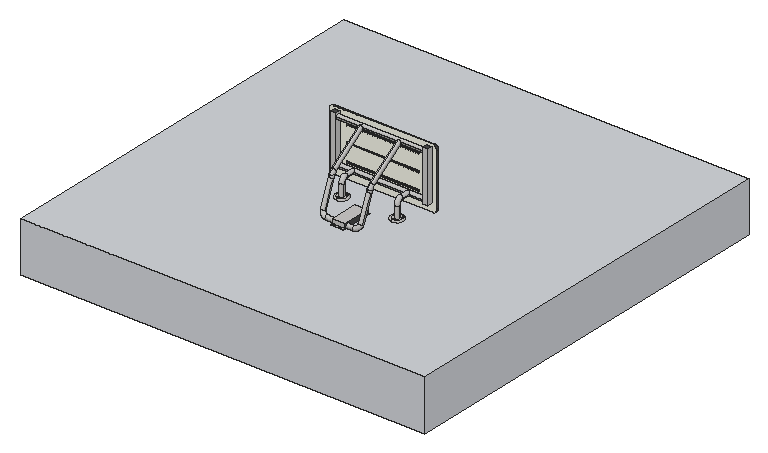
Revit family
Parameters (values of type "B-5193")
  Width = 25 1/2"
  URL = "http://www.bobrick.com/Pages/default.aspx"
  Type Comments = ""
  Specification = "Folding shower seat shall have a frame constructed of type-304, satin-finish stainless steel that consists of 16-gauge (1.6mm), 1-1/4'' (30mm) square tubing and 18-gauge (1.2mm), 1'' (25mm) diameter seamless tubing. Seat shall be one‑piece, 5/16\" (8mm) thick, solidly fused plastic laminate with matte-finish melamine surfaces, ivory-colored face sheets, and black phenolicresin core; secured to frame with stainless steel carriage bolts and acorn nuts. Shower seat shall be equipped with two 3'' (75mm) diameter mounting flanges constructed of type-304, 3/16'' (5mm) thick, satin-finish stainless steel; a guide bracket constructed of type-304, 16-gauge (1.6mm), satin-finish stainless steel; and a spring constructed of type-301, 24-gauge (0.6mm) stainless steel that is spot-welded to a baseplate of type-304, heavy-gauge stainless steel. Seat shall be able to lock in upright position when not in use. Shower seat shall comply with accessible design guidelines (including ADAAG in the U.S.A.). Folding Shower Seat shall be Model B-5193 of Bobrick Washroom Equipment, Inc., Clifton Park, New York; Jackson, Tennessee; Los Angeles, California; Bobrick Washroom Equipment Company, Scarborough, Ontario; Bobrick Washroom Equipment Pty. Ltd., Australia; and Bobrick Washroom Equipment Limited, United Kingdom."
  Safety Warning = "SAFETY WARNING: Shower seats are no stronger than the anchors and walls to which they are attached and must be firmly secured in order to support the loads for which they are intended. Consult and comply with local building codes. To avoid potential injury, the building owner or maintenance personnel should remove the shower seat from service if the shower seat is not adequately secured to the wall. Unit shall support static loads of up to 500 lbs (227 kg) when properly installed and used. To avoid potential seat malfunction, DO NOT use seat if weight exceeds 500 lbs (227 kg)."
  Price = "Prices may vary. Please consult Manufacturer Representative for most up-to-date price list."  # constant formula
  Phone Number = "416-250-5656"  # constant formula
  Omniclass Table 23 Title = "General Furniture and Specialties"  # constant formula
  Omniclass Table 23 Code = "23.40.20.00"  # constant formula
  Model = "B-5193"
  Material = Phenolic-Bobrick-Matte-Ivory
  Masterformat Title = "Healthcare Seating"  # constant formula
  Masterformat Number = "12 52 70"  # constant formula
  Manufacturer = "Bobrick"
  Length = 15 13/16"
  Installation Type = "Wall Mounted"
  Height = 13 3/4"
  Description = "Bobrick Solid Phenolic Folding Shower/Dressing Area Seat"
  Default Elevation = 17"
  Creation Date = "06/10/2015"  # constant formula
  Created By = "Allied Technical Services"  # constant formula
  Assembly Code = "E1020810"
  ATS URL = "http://www.atsspec.net"
  ADA Compliant = yes
Reference planes (in)
  plane 1 "Center (Front/Back)": y = 0
  plane 2: z = 0
  plane 3 "Center (Left/Right)": x = 0
  plane 4: z = 15.8125
  plane 5: x = -6.5625
  plane 6: x = 6.5625
  plane 7: x = 6.5625
  plane 8: y = -4.375
  plane 9: y = -13.75
  plane 10: y = -6.5
  plane 11: x = 1.125
  plane 12: x = -1.125
  plane 13: z = 1.375
  plane 14: y = -17
  plane 15: y = -0.94013
  plane 16: z = 5.375
  plane 17: x = -12.75
  plane 18: x = 12.75
  plane 19: x = -10.9375
  plane 20: x = 10.9375
  plane 21: x = 8.75
  plane 22: x = -8.75
Forms (in)
  Extrusion 1, solid
    sketch origin (0, 0, 0) x (1, 0, 0) y (0, 1, 0)
      loop
        line (-48, 48) -> (-48, -48) -> (48, -48) -> (48, 48) -> (-48, 48)
    from 0 to -12
  Extrusion 2, solid, material "Phenolic-Bobrick-Matte-Ivory" <- "Material"
    sketch origin (0, 0, 0) x (1, 0, 0) y (0, 0, 1)
      loop
        line (11.75, 15.8125) -> (-11.75, 15.8125)
        arc (-11.75, 15.8125) -> (-12.45711, 15.51961) -> (-12.75, 14.8125) r 1
        line (-12.75, 14.8125) -> (-12.75, 2.375)
        arc (-12.75, 2.375) -> (-12.45711, 1.66789) -> (-11.75, 1.375) r 1
        line (-11.75, 1.375) -> (11.75, 1.375)
        arc (11.75, 1.375) -> (12.45711, 1.66789) -> (12.75, 2.375) r 1
        line (12.75, 2.375) -> (12.75, 14.8125)
        arc (12.75, 14.8125) -> (12.45711, 15.51961) -> (11.75, 15.8125) r 1
      loop
        line (8.5, 13.20791) -> (-8.5, 13.20791)
        arc (-8.5, 13.20791) -> (-8.75, 12.95791) -> (-8.5, 12.70791) r 0.25
        line (-8.5, 12.70791) -> (8.5, 12.70791)
        arc (8.5, 12.70791) -> (8.75, 12.95791) -> (8.5, 13.20791) r 0.25
      loop
        line (8.5, 9.20791) -> (-8.5, 9.20791)
        arc (-8.5, 9.20791) -> (-8.75, 8.95791) -> (-8.5, 8.70791) r 0.25
        line (-8.5, 8.70791) -> (8.5, 8.70791)
        arc (8.5, 8.70791) -> (8.75, 8.95791) -> (8.5, 9.20791) r 0.25
      loop
        line (8.5, 5.14541) -> (-8.5, 5.14541)
        arc (-8.5, 5.14541) -> (-8.75, 4.89541) -> (-8.5, 4.64541) r 0.25
        line (-8.5, 4.64541) -> (8.5, 4.64541)
        arc (8.5, 4.64541) -> (8.75, 4.89541) -> (8.5, 5.14541) r 0.25
    from 0 to 0.3125
  Extrusion 3, solid, material "Stainless Steel-Bobrick-Type 304-Satin"
    sketch origin (0, 0.1875, 0.75) x (1, 0, 0) y (0, 1, 0)
      loop
        line (-10.3125, -0.5) -> (-11.5625, -0.5) -> (-11.5625, -1.75) -> (-10.3125, -1.75) -> (-10.3125, -0.5)
      loop
        line (10.3125, -0.5) -> (10.3125, -1.75) -> (11.5625, -1.75) -> (11.5625, -0.5) -> (10.3125, -0.5)
    from 2.51548 to 14.51548
  Revolve 4, solid, material "Stainless Steel-Bobrick-Type 304-Satin"
    sketch origin (-6.5625, 0, 0) x (0, 1, 0) y (0, 0, 1)
      loop
        line (-4.375, 0) -> (-2.875, 0)
        arc (-2.875, 0) -> (-2.94822, 0.17678) -> (-3.125, 0.25) r 0.25
        line (-3.125, 0.25) -> (-4.375, 0.25) -> (-4.375, 0)
      axis (-4.375, 0.25) -> (-4.375, 0)
    angle from 0 to 360
  Revolve 5, solid, material "Stainless Steel-Bobrick-Type 304-Satin"
    sketch origin (6.5625, 0, 0) x (0, 1, 0) y (0, 0, -1)
      loop
        line (-4.375, 0) -> (-4.375, -0.25) -> (-3.125, -0.25)
        arc (-3.125, -0.25) -> (-2.94822, -0.17678) -> (-2.875, 0) r 0.25
        line (-2.875, 0) -> (-4.375, 0)
      axis (-4.375, -0.25) -> (-4.375, 0)
    angle from 0 to 360
  Sweep 6, solid, material "Stainless Steel-Bobrick-Type 304-Satin"
    path origin (6.5625, 0, 0) x (0, 1, 0) y (0, 0, 1)
      loop
        line (-4.375, 0) -> (-4.375, 3)
        arc (-4.375, 3) -> (-4.08211, 3.70711) -> (-3.375, 4) r 1
        line (-3.375, 4) -> (-0.94013, 4)
    profile origin (6.5625, -4.375, 1.5) x (0, -1, 0) y (1, 0, 0)
      loop
        circle (0, 0) r 0.5
  Extrusion 7, solid, material "Stainless Steel-Bobrick-Type 304-Satin"
    sketch origin (0, 0.3125, 0) x (0, 1, 0) y (0, 0, 1)
      loop
        circle (-1.25263, 3.99038) r 0.5172
    from -10.3125 to 10.3125
  Sweep 8, solid, material "Stainless Steel-Bobrick-Type 304-Satin"
    path origin (-6.5625, 0, 0) x (0, 1, 0) y (0, 0, -1)
      loop
        line (-4.375, 0) -> (-4.375, -3)
        arc (-4.375, -3) -> (-4.08211, -3.70711) -> (-3.375, -4) r 1
        line (-3.375, -4) -> (-0.94013, -4)
    profile origin (-6.5625, -4.375, 1.5) x (0, 1, 0) y (-1, 0, 0)
      loop
        circle (0, 0) r 0.5
  Sweep 9, solid, material "Stainless Steel-Bobrick-Type 304-Satin"
    path origin (0, 0.25, 0.1875) x (0, 1, 0) y (0, 0, 1)
      loop
        line (-1.19013, 14.16704) -> (-9.64596, 8.46351)
        arc (-9.64596, 8.46351) -> (-9.97289, 8.16393) -> (-10.19794, 7.78186) r 1.5
        line (-10.19794, 7.78186) -> (-10.39032, 7.3057)
    profile origin (0, -10.04413, 7.73128) x (0, 0.927184, -0.374607) y (1, 0, 0)
      loop
        circle (0, -4.5) r 0.5
  Extrusion 10, solid, material "Stainless Steel-Bobrick-Type 304-Satin"
    sketch origin (0, 0.3125, 18.32783) x (0, 1, 0) y (0, 0, 1)
      loop
        circle (-1.25263, -3.99038) r 0.5172
    from -10.3125 to 10.3125
  Sweep 11, solid, material "Stainless Steel-Bobrick-Type 304-Satin"
    path origin (0, -6.39004, 16.77548) x (1, 0, 0) y (0, 0.374607, 0.927184)
      loop
        line (-4.5, -10.01126) -> (-4.5, -16.26126)
        arc (-4.5, -16.26126) -> (-4.13388, -17.14514) -> (-3.25, -17.51126) r 1.25
        line (-3.25, -17.51126) -> (3.25, -17.51126)
        arc (3.25, -17.51126) -> (4.13388, -17.14514) -> (4.5, -16.26126) r 1.25
        line (4.5, -16.26126) -> (4.5, -10.01126)
    profile origin (-4.5, -11.31097, 4.59575) x (1, 0, 0) y (0, -0.927184, 0.374607)
      loop
        circle (0, 0) r 0.5
  Extrusion 12, solid, material "Stainless Steel-Bobrick-Type 304-Satin"
    sketch origin (-1.5, 0.19528, 0) x (0, 1, 0) y (0, 0, 1)
      loop
        line (-6.44528, 0) -> (-6.44528, 0.125) -> (-6.94528, 0.125) -> (-6.94528, 1.125) -> (-13.69528, 1.125) -> (-13.69528, 0.125) -> (-14.19528, 0.125) -> (-14.19528, 0) -> (-6.44528, 0)
    from 0 to 3
  Sweep 13, solid, material "Stainless Steel-Bobrick-Type 304-Satin"
    path origin (0, 0.25, 0.1875) x (0, 1, 0) y (0, 0, -1)
      loop
        line (-1.19013, -14.16704) -> (-9.64596, -8.46351)
        arc (-9.64596, -8.46351) -> (-9.97289, -8.16393) -> (-10.19794, -7.78186) r 1.5
        line (-10.19794, -7.78186) -> (-10.39032, -7.3057)
    profile origin (0, -10.04413, 7.73128) x (0, -0.927184, 0.374607) y (-1, 0, 0)
      loop
        circle (0, -4.5) r 0.5
  Revolve 14, solid, material "Stainless Steel-Bobrick-Type 304-Satin"
    sketch origin (-1.125, 0, 0) x (0, 1, 0) y (0, 0, 1)
      loop
        line (-6.5, 0.125) -> (-6.375, 0.125)
        arc (-6.375, 0.125) -> (-6.38969, 0.18379) -> (-6.4303, 0.22876) r 0.125
        line (-6.4303, 0.22876) -> (-6.46682, 0.17439) -> (-6.5, 0.17439) -> (-6.5, 0.125)
      axis (-6.5, 0.22876) -> (-6.5, 0.125)
    angle from 0 to 360
  Revolve 15, solid, material "Stainless Steel-Bobrick-Type 304-Satin"
    sketch origin (1.125, 0, 0) x (0, 1, 0) y (0, 0, -1)
      loop
        line (-6.5, -0.125) -> (-6.5, -0.17439) -> (-6.46682, -0.17439) -> (-6.4303, -0.22876)
        arc (-6.4303, -0.22876) -> (-6.38969, -0.18379) -> (-6.375, -0.125) r 0.125
        line (-6.375, -0.125) -> (-6.5, -0.125)
      axis (-6.5, -0.22876) -> (-6.5, -0.125)
    angle from 0 to 360
  Revolve 16, solid, material "Stainless Steel-Bobrick-Type 304-Satin"
    sketch origin (-1.125, -20.25, 0) x (0, -1, 0) y (0, 0, -1)
      loop
        line (-6.5, -0.125) -> (-6.5, -0.17439) -> (-6.46682, -0.17439) -> (-6.4303, -0.22876)
        arc (-6.4303, -0.22876) -> (-6.38969, -0.18379) -> (-6.375, -0.125) r 0.125
        line (-6.375, -0.125) -> (-6.5, -0.125)
      axis (-6.5, -0.22876) -> (-6.5, -0.125)
    angle from 0 to 360
  Revolve 17, solid, material "Stainless Steel-Bobrick-Type 304-Satin"
    sketch origin (1.125, -20.25, 0) x (0, -1, 0) y (0, 0, 1)
      loop
        line (-6.5, 0.125) -> (-6.375, 0.125)
        arc (-6.375, 0.125) -> (-6.38969, 0.18379) -> (-6.4303, 0.22876) r 0.125
        line (-6.4303, 0.22876) -> (-6.46682, 0.17439) -> (-6.5, 0.17439) -> (-6.5, 0.125)
      axis (-6.5, 0.22876) -> (-6.5, 0.125)
    angle from 0 to 360
  Revolve 18, solid, material "Stainless Steel-Bobrick-Type 304-Satin"
    sketch origin (-6.5625, 1, 0.125) x (0, 1, 0) y (0, 0, 1)
      loop
        line (-6.5, 0.125) -> (-6.375, 0.125)
        arc (-6.375, 0.125) -> (-6.38969, 0.18379) -> (-6.4303, 0.22876) r 0.125
        line (-6.4303, 0.22876) -> (-6.46682, 0.17439) -> (-6.5, 0.17439) -> (-6.5, 0.125)
      axis (-6.5, 0.22876) -> (-6.5, 0.125)
    angle from 0 to 360
  Revolve 19, solid, material "Stainless Steel-Bobrick-Type 304-Satin"
    sketch origin (-7.56057, 2.55928, 0.125) x (0, 1, 0) y (0, 0, 1)
      loop
        line (-6.5, 0.125) -> (-6.375, 0.125)
        arc (-6.375, 0.125) -> (-6.38969, 0.18379) -> (-6.4303, 0.22876) r 0.125
        line (-6.4303, 0.22876) -> (-6.46682, 0.17439) -> (-6.5, 0.17439) -> (-6.5, 0.125)
      axis (-6.5, 0.22876) -> (-6.5, 0.125)
    angle from 0 to 360
  Revolve 20, solid, material "Stainless Steel-Bobrick-Type 304-Satin"
    sketch origin (-5.56443, 2.55928, 0.125) x (0, 1, 0) y (0, 0, -1)
      loop
        line (-6.5, -0.125) -> (-6.5, -0.17439) -> (-6.46682, -0.17439) -> (-6.4303, -0.22876)
        arc (-6.4303, -0.22876) -> (-6.38969, -0.18379) -> (-6.375, -0.125) r 0.125
        line (-6.375, -0.125) -> (-6.5, -0.125)
      axis (-6.5, -0.22876) -> (-6.5, -0.125)
    angle from 0 to 360
  Revolve 21, solid, material "Stainless Steel-Bobrick-Type 304-Satin"
    sketch origin (6.5625, 1, 0.125) x (0, 1, 0) y (0, 0, -1)
      loop
        line (-6.5, -0.125) -> (-6.5, -0.17439) -> (-6.46682, -0.17439) -> (-6.4303, -0.22876)
        arc (-6.4303, -0.22876) -> (-6.38969, -0.18379) -> (-6.375, -0.125) r 0.125
        line (-6.375, -0.125) -> (-6.5, -0.125)
      axis (-6.5, -0.22876) -> (-6.5, -0.125)
    angle from 0 to 360
  Revolve 22, solid, material "Stainless Steel-Bobrick-Type 304-Satin"
    sketch origin (7.56057, 2.55928, 0.125) x (0, 1, 0) y (0, 0, -1)
      loop
        line (-6.5, -0.125) -> (-6.5, -0.17439) -> (-6.46682, -0.17439) -> (-6.4303, -0.22876)
        arc (-6.4303, -0.22876) -> (-6.38969, -0.18379) -> (-6.375, -0.125) r 0.125
        line (-6.375, -0.125) -> (-6.5, -0.125)
      axis (-6.5, -0.22876) -> (-6.5, -0.125)
    angle from 0 to 360
  Revolve 23, solid, material "Stainless Steel-Bobrick-Type 304-Satin"
    sketch origin (5.56443, 2.55928, 0.125) x (0, 1, 0) y (0, 0, 1)
      loop
        line (-6.5, 0.125) -> (-6.375, 0.125)
        arc (-6.375, 0.125) -> (-6.38969, 0.18379) -> (-6.4303, 0.22876) r 0.125
        line (-6.4303, 0.22876) -> (-6.46682, 0.17439) -> (-6.5, 0.17439) -> (-6.5, 0.125)
      axis (-6.5, 0.22876) -> (-6.5, 0.125)
    angle from 0 to 360
  Revolve 24, solid, material "Phenolic-Bobrick-Matte-Ivory" <- "Material"
    sketch origin (1.75, 0, 5.375) x (1, 0, 0) y (0, 1, 0)
      loop
        line (9.1875, 0) -> (9.1875, 0.03481) -> (9.11975, 0.03481) -> (9.04701, 0.09164)
        arc (9.04701, 0.09164) -> (8.98695, 0.05216) -> (8.9375, 0) r 0.3125
        line (8.9375, 0) -> (9.1875, 0)
      axis (9.1875, 0.09164) -> (9.1875, 0)
    angle from 0 to 360
  Revolve 25, solid, material "Phenolic-Bobrick-Matte-Ivory" <- "Material"
    sketch origin (1.75, 0, 13.15595) x (0, -1, 0) y (1, 0, 0)
      loop
        line (0, 9.1875) -> (-0.03481, 9.1875) -> (-0.03481, 9.11975) -> (-0.09164, 9.04701)
        arc (-0.09164, 9.04701) -> (-0.05216, 8.98695) -> (0, 8.9375) r 0.3125
        line (0, 8.9375) -> (0, 9.1875)
      axis (-0.09164, 9.1875) -> (0, 9.1875)
    angle from 0 to 360
  Revolve 26, solid, material "Phenolic-Bobrick-Matte-Ivory" <- "Material"
    sketch origin (-1.75, 0, 5.375) x (-1, 0, 0) y (0, -1, 0)
      loop
        line (9.1875, 0) -> (8.9375, 0)
        arc (8.9375, 0) -> (8.98695, -0.05216) -> (9.04701, -0.09164) r 0.3125
        line (9.04701, -0.09164) -> (9.11975, -0.03481) -> (9.1875, -0.03481) -> (9.1875, 0)
      axis (9.1875, -0.09164) -> (9.1875, 0)
    angle from 0 to 360
  Revolve 27, solid, material "Phenolic-Bobrick-Matte-Ivory" <- "Material"
    sketch origin (-1.75, 0, 13.15595) x (0, 1, 0) y (-1, 0, 0)
      loop
        line (0, 9.1875) -> (0, 8.9375)
        arc (0, 8.9375) -> (0.05216, 8.98695) -> (0.09164, 9.04701) r 0.3125
        line (0.09164, 9.04701) -> (0.03481, 9.11975) -> (0.03481, 9.1875) -> (0, 9.1875)
      axis (0.09164, 9.1875) -> (0, 9.1875)
    angle from 0 to 360
Cuts and joins
  joined: Extrusion 3, Revolve 4, Revolve 5, Sweep 6, Extrusion 7, Sweep 8, Sweep 9, Extrusion 10, Sweep 11, Extrusion 12, Sweep 13, Revolve 14, Revolve 15, Revolve 16, Revolve 17, Revolve 18, Revolve 19, Revolve 20, Revolve 21, Revolve 22, Revolve 23
  joined: Extrusion 2, Revolve 24, Revolve 25, Revolve 26, Revolve 27
Lines and regions (in)
  Masking region 1
    outline origin (0, 0, 0) x (1, 0, 0) y (0, 1, 0)
      loop
        line (-12.75, 0) -> (-12.75, -0.3125) -> (-11.5625, -0.3125) -> (-11.5625, -1.5625) -> (-10.3125, -1.5625) -> (-10.3125, -1.45733) -> (-7.0625, -1.45733) -> (-7.0625, -2.96079)
        arc (-7.0625, -2.96079) -> (-6.5625, -5.875) -> (-6.0625, -2.96079) r 1.5
        line (-6.0625, -2.96079) -> (-6.0625, -1.45733) -> (-4.99993, -1.45733) -> (-4.99993, -12.44987)
        arc (-4.99993, -12.44987) -> (-4.70704, -13.15698) -> (-3.99993, -13.44987) r 1
        line (-3.99993, -13.44987) -> (-1.5, -13.44987) -> (-1.5, -14) -> (1.5, -14) -> (1.5, -13.44987) -> (3.99993, -13.44987)
        arc (3.99993, -13.44987) -> (4.70704, -13.15698) -> (4.99993, -12.44987) r 1
        line (4.99993, -12.44987) -> (4.99993, -1.45724) -> (6.0625, -1.45724) -> (6.0625, -2.96079)
        arc (6.0625, -2.96079) -> (6.5625, -5.875) -> (7.0625, -2.96079) r 1.5
        line (7.0625, -2.96079) -> (7.0625, -1.45733) -> (10.3125, -1.45733) -> (10.3125, -1.5625) -> (11.5625, -1.5625) -> (11.5625, -0.3125) -> (12.75, -0.3125) -> (12.75, 0) -> (11.16963, 0)
        arc (11.16963, 0) -> (11.14279, 0.0648) -> (11.07799, 0.09164) r 0.09164
        line (11.07799, 0.09164) -> (10.79701, 0.09164)
        arc (10.79701, 0.09164) -> (10.73221, 0.0648) -> (10.70537, 0) r 0.09164
        line (10.70537, 0) -> (-10.70537, 0)
        arc (-10.70537, 0) -> (-10.73221, 0.0648) -> (-10.79701, 0.09164) r 0.09164
        line (-10.79701, 0.09164) -> (-11.07799, 0.09164)
        arc (-11.07799, 0.09164) -> (-11.14279, 0.0648) -> (-11.16963, 0) r 0.09164
        line (-11.16963, 0) -> (-12.75, 0)
      loop
        line (-3.99993, -1.45733) -> (-3.99993, -11.94987)
        arc (-3.99993, -11.94987) -> (-3.85349, -12.30343) -> (-3.49993, -12.44987) r 0.5
        line (-3.49993, -12.44987) -> (-1.5, -12.44987) -> (-1.5, -6.25) -> (1.5, -6.25) -> (1.5, -12.44987) -> (3.49993, -12.44987)
        arc (3.49993, -12.44987) -> (3.85349, -12.30343) -> (3.99993, -11.94987) r 0.5
        line (3.99993, -11.94987) -> (3.99993, -1.45733) -> (-3.99993, -1.45733)
  Masking region 2
    outline origin (0, 0, 0) x (1, 0, 0) y (0, 0, 1)
      loop
        line (11.75, 15.8125) -> (-11.75, 15.8125)
        arc (-11.75, 15.8125) -> (-12.45711, 15.51961) -> (-12.75, 14.8125) r 1
        line (-12.75, 14.8125) -> (-12.75, 2.375)
        arc (-12.75, 2.375) -> (-12.45711, 1.66789) -> (-11.75, 1.375) r 1
        line (-11.75, 1.375) -> (-7.0625, 1.375) -> (-7.0625, 0.25) -> (-7.43557, 0.25)
        arc (-7.43557, 0.25) -> (-7.45116, 0.30831) -> (-7.49087, 0.35376) r 0.13326
        line (-7.49087, 0.35376) -> (-7.63028, 0.35376)
        arc (-7.63028, 0.35376) -> (-7.66966, 0.30813) -> (-7.68557, 0.25) r 0.13662
        line (-7.68557, 0.25) -> (-7.81239, 0.25)
        arc (-7.81239, 0.25) -> (-7.98917, 0.17678) -> (-8.06239, 0) r 0.25
        line (-8.06239, 0) -> (-5.06261, 0)
        arc (-5.06261, 0) -> (-5.13583, 0.17678) -> (-5.31261, 0.25) r 0.25
        line (-5.31261, 0.25) -> (-5.43943, 0.25)
        arc (-5.43943, 0.25) -> (-5.45534, 0.30813) -> (-5.49472, 0.35376) r 0.13662
        line (-5.49472, 0.35376) -> (-5.63413, 0.35376)
        arc (-5.63413, 0.35376) -> (-5.67384, 0.30831) -> (-5.68943, 0.25) r 0.13326
        line (-5.68943, 0.25) -> (-6.0625, 0.25) -> (-6.0625, 1.375) -> (-4.96357, 1.375)
        arc (-4.96357, 1.375) -> (-4.35238, 0.41367) -> (-3.27647, 0.03933) r 1.73334
        line (-3.27647, 0.03933) -> (-1.5, 0.03933) -> (-1.5, 0) -> (1.5, 0) -> (1.5, 0.03933) -> (3.27647, 0.03933)
        arc (3.27647, 0.03933) -> (4.35238, 0.41367) -> (4.96357, 1.375) r 1.73334
        line (4.96357, 1.375) -> (6.0625, 1.375) -> (6.0625, 0.25) -> (5.68943, 0.25)
        arc (5.68943, 0.25) -> (5.67384, 0.30831) -> (5.63413, 0.35376) r 0.13326
        line (5.63413, 0.35376) -> (5.49472, 0.35376)
        arc (5.49472, 0.35376) -> (5.45534, 0.30813) -> (5.43943, 0.25) r 0.13662
        line (5.43943, 0.25) -> (5.31261, 0.25)
        arc (5.31261, 0.25) -> (5.13583, 0.17678) -> (5.06261, 0) r 0.25
        line (5.06261, 0) -> (8.06239, 0)
        arc (8.06239, 0) -> (7.98917, 0.17678) -> (7.81239, 0.25) r 0.25
        line (7.81239, 0.25) -> (7.68557, 0.25)
        arc (7.68557, 0.25) -> (7.66966, 0.30813) -> (7.63028, 0.35376) r 0.13662
        line (7.63028, 0.35376) -> (7.49087, 0.35376)
        arc (7.49087, 0.35376) -> (7.45116, 0.30831) -> (7.43557, 0.25) r 0.13326
        line (7.43557, 0.25) -> (7.0625, 0.25) -> (7.0625, 1.375) -> (11.75, 1.375)
        arc (11.75, 1.375) -> (12.45711, 1.66789) -> (12.75, 2.375) r 1
        line (12.75, 2.375) -> (12.75, 14.8125)
        arc (12.75, 14.8125) -> (12.45711, 15.51961) -> (11.75, 15.8125) r 1
  Masking region 3
    outline origin (0, 0, 0) x (0, 1, 0) y (0, 0, 1)
      loop
        line (-0.3125, 3.26548) -> (-0.3125, 1.375) -> (0, 1.375) -> (0, 5.125)
        arc (0, 5.125) -> (0.05118, 5.17527) -> (0.09164, 5.23451) r 0.36806
        line (0.09164, 5.23451) -> (0.09164, 5.51549)
        arc (0.09164, 5.51549) -> (0.05118, 5.57473) -> (0, 5.625) r 0.36806
        line (0, 5.625) -> (0, 12.90595)
        arc (0, 12.90595) -> (0.05118, 12.95622) -> (0.09164, 13.01546) r 0.36806
        line (0.09164, 13.01546) -> (0.09164, 13.29645)
        arc (0.09164, 13.29645) -> (0.05118, 13.35568) -> (0, 13.40595) r 0.36806
        line (0, 13.40595) -> (0, 15.8125) -> (-0.3125, 15.8125) -> (-0.3125, 15.26548) -> (-1.5625, 15.26548) -> (-1.5625, 14.53809) -> (-9.67847, 9.0638)
        arc (-9.67847, 9.0638) -> (-10.11176, 8.66676) -> (-10.41003, 8.16039) r 1.988
        line (-10.41003, 8.16039) -> (-13.25251, 1.125) -> (-13.5, 1.125) -> (-13.5, 0.125) -> (-13.625, 0.125)
        arc (-13.625, 0.125) -> (-13.63965, 0.18381) -> (-13.6803, 0.22876) r 0.12466
        line (-13.6803, 0.22876) -> (-13.8197, 0.22876)
        arc (-13.8197, 0.22876) -> (-13.86058, 0.18393) -> (-13.875, 0.125) r 0.12279
        line (-13.875, 0.125) -> (-14, 0.125) -> (-14, 0) -> (-6.25, 0) -> (-6.25, 0.125) -> (-6.375, 0.125)
        arc (-6.375, 0.125) -> (-6.38942, 0.18393) -> (-6.4303, 0.22876) r 0.12279
        line (-6.4303, 0.22876) -> (-6.5697, 0.22876)
        arc (-6.5697, 0.22876) -> (-6.61035, 0.18381) -> (-6.625, 0.125) r 0.12466
        line (-6.625, 0.125) -> (-6.75, 0.125) -> (-6.75, 1.125) -> (-12.17398, 1.125) -> (-9.48483, 7.78088)
        arc (-9.48483, 7.78088) -> (-9.33371, 8.03743) -> (-9.11419, 8.23858) r 1.00719
        line (-9.11419, 8.23858) -> (-1.5625, 13.33226) -> (-1.5625, 4.5) -> (-3.375, 4.5)
        arc (-3.375, 4.5) -> (-4.43566, 4.06066) -> (-4.875, 3) r 1.5
        line (-4.875, 3) -> (-4.875, 0.25) -> (-5.375, 0.25)
        arc (-5.375, 0.25) -> (-5.3894, 0.30894) -> (-5.4303, 0.35376) r 0.12259
        line (-5.4303, 0.35376) -> (-5.5697, 0.35376)
        arc (-5.5697, 0.35376) -> (-5.6113, 0.30902) -> (-5.62708, 0.25) r 0.12653
        arc (-5.62708, 0.25) -> (-5.80312, 0.17665) -> (-5.875, 0) r 0.24793
        line (-5.875, 0) -> (-2.875, 0)
        arc (-2.875, 0) -> (-2.94688, 0.17665) -> (-3.12292, 0.25) r 0.24793
        line (-3.12292, 0.25) -> (-3.81572, 0.25)
        arc (-3.81572, 0.25) -> (-3.83037, 0.31044) -> (-3.875, 0.35376) r 0.11205
        line (-3.875, 0.35376) -> (-3.875, 3)
        arc (-3.875, 3) -> (-3.72855, 3.35355) -> (-3.375, 3.5) r 0.5
        line (-3.375, 3.5) -> (-1.5625, 3.5) -> (-1.5625, 3.26548) -> (-0.3125, 3.26548)
  symbolic lines, detail levels medium+fine
    curve 1: line (-11.5625, -0.3125, 0) -> (11.5625, -0.3125, 0)
    curve 2: line (10.3125, -0.3125, 0) -> (10.3125, -1.45733, 0)
    curve 3: line (-10.3125, -0.3125, 0) -> (-10.3125, -1.45733, 0)
    curve 4: line (-7.0625, -1.45724, 0) -> (-6.0625, -1.45724, 0)
    curve 5: arc (-6.0625, -4.375, 0) -> (-6.5625, -4.875, 0) -> (-7.0625, -4.375, 0) r 0.5
    curve 16: line (-1.5, -13.5, 0) -> (1.5, -13.5, 0)
    curve 17: line (1.5, -6.75, 0) -> (-1.5, -6.75, 0)
    curve 18: line (-10.3125, -0.41932, 0) -> (10.3125, -0.41932, 0)
    curve 19: line (-11.1875, 0, 0) -> (-10.6875, 0, 0)
    curve 20: line (10.6875, 0, 0) -> (11.1875, 0, 0)
    curve 21: line (-1.5, -12.44987, 0) -> (-1.5, -13.44987, 0)
    curve 22: line (1.5, -12.44987, 0) -> (1.5, -13.44987, 0)
    curve 23: line (-4.91755, -1.45733, 0) -> (-4.5, -1.27398, 0)
    curve 24: line (-4.5, -1.27398, 0) -> (-4.08245, -1.45733, 0)
    curve 25: line (-7.0625, -4.375, 0) -> (-7.0625, -2.96079, 0)
    curve 26: line (-6.0625, -4.375, 0) -> (-6.0625, -2.96079, 0)
    curve 27: arc (6.0625, -4.375, 0) -> (6.5625, -4.875, 0) -> (7.0625, -4.375, 0) r 0.5
    curve 34: line (7.0625, -4.375, 0) -> (7.0625, -2.96079, 0)
    curve 35: line (6.0625, -4.375, 0) -> (6.0625, -2.96079, 0)
    curve 36: line (-4.99993, -1.45733, 0) -> (-4.91755, -1.45733, 0)
    curve 37: line (-4.08245, -1.45733, 0) -> (-3.99993, -1.45733, 0)
    curve 38: line (7.0625, -1.45724, 0) -> (6.0625, -1.45724, 0)
    curve 39: line (4.91755, -1.45733, 0) -> (4.5, -1.27398, 0)
    curve 40: line (4.5, -1.27398, 0) -> (4.08245, -1.45733, 0)
    curve 41: line (4.99993, -1.45733, 0) -> (4.91755, -1.45733, 0)
    curve 42: line (4.08245, -1.45733, 0) -> (3.99993, -1.45733, 0)
    curve 47: line (7.68557, 0, 0.25) -> (7.43557, 0, 0.25)
    curve 48: line (7.0625, 0, 0.25) -> (6.0625, 0, 0.25)
    curve 49: line (-4.96357, 0, 1.375) -> (4.96357, 0, 1.375)
    curve 50: line (1.5, 0, 1.125) -> (1.5, 0, 0.03933)
    curve 51: line (1.5, 0, 0.125) -> (-1.5, 0, 0.125)
    curve 55: line (1.5, 0, 1.125) -> (-1.5, 0, 1.125)
    curve 56: line (1.5, 0, 1.04066) -> (3.28168, 0, 1.04066)
    curve 57: arc (3.28168, 0, 1.04066) -> (3.63414, 0, 1.12956) -> (3.90226, 0, 1.375) r 0.7431
    curve 58: line (-1.5, 0, 1.04066) -> (-3.28168, 0, 1.04066)
    curve 59: arc (-3.28168, 0, 1.04066) -> (-3.63414, 0, 1.12956) -> (-3.90226, 0, 1.375) r 0.7431
    curve 60: line (-1.5, 0, 1.125) -> (-1.5, 0, 0.03933)
    curve 64: arc (8.5, 0, 5.14541) -> (8.75, 0, 4.89541) -> (8.5, 0, 4.64541) r 0.25
    curve 65: line (-8.5, 0, 5.14541) -> (8.5, 0, 5.14541)
    curve 66: line (8.5, 0, 4.64541) -> (-8.5, 0, 4.64541)
    curve 67: arc (-8.5, 0, 4.64541) -> (-8.75, 0, 4.89541) -> (-8.5, 0, 5.14541) r 0.25
    curve 68: arc (8.5, 0, 9.20791) -> (8.75, 0, 8.95791) -> (8.5, 0, 8.70791) r 0.25
    curve 69: line (-8.5, 0, 9.20791) -> (8.5, 0, 9.20791)
    curve 70: line (8.5, 0, 8.70791) -> (-8.5, 0, 8.70791)
    curve 71: arc (-8.5, 0, 8.70791) -> (-8.75, 0, 8.95791) -> (-8.5, 0, 9.20791) r 0.25
    curve 72: arc (-8.5, 0, 12.70791) -> (-8.75, 0, 12.95791) -> (-8.5, 0, 13.20791) r 0.25
    curve 73: line (-8.5, 0, 13.20791) -> (8.5, 0, 13.20791)
    curve 74: line (8.5, 0, 12.70791) -> (-8.5, 0, 12.70791)
    curve 75: arc (8.5, 0, 13.20791) -> (8.75, 0, 12.95791) -> (8.5, 0, 12.70791) r 0.25
    curve 88: line (5.43943, 0, 0.25) -> (5.68943, 0, 0.25)
    curve 89: line (-7.68557, 0, 0.25) -> (-7.43557, 0, 0.25)
    curve 90: line (-7.0625, 0, 0.25) -> (-6.0625, 0, 0.25)
    curve 91: line (-5.43943, 0, 0.25) -> (-5.68943, 0, 0.25)
    curve 96: line (7.0625, 0, 1.375) -> (6.0625, 0, 1.375)
    curve 97: line (-6.0625, 0, 1.375) -> (-7.0625, 0, 1.375)
    curve 98: line (0, -0.3125, 15.26548) -> (0, -0.3125, 3.26548)
    curve 99: line (0, 0, 5.625) -> (0, 0, 5.14541)
    curve 100: line (0, 0, 13.40595) -> (0, 0, 12.90595)
    curve 101: line (0, -1.5625, 3.5) -> (0, -1.5625, 4.5)
    curve 102: line (0, -1.5625, 13.33226) -> (0, -1.5625, 14.53809)
    curve 103: line (0, -4.875, 0.25) -> (0, -3.81572, 0.25)
    curve 104: line (0, -4.01042, 0.35376) -> (0, -3.87101, 0.35376)
    curve 105: arc (0, -4.01042, 0.35376) -> (0, -4.05097, 0.30876) -> (0, -4.06572, 0.25) r 0.1255
    curve 106: line (0, -5.375, 0.25) -> (0, -5.625, 0.25)
    curve 107: line (0, -6.375, 0.125) -> (0, -6.625, 0.125)
    curve 108: line (0, -13.625, 0.125) -> (0, -13.875, 0.125)
    curve 109: arc (0, -12.48628, 0.35202) -> (0, -13.13718, 0.07573) -> (0, -13.41347, 0.72663) r 0.5
    curve 110: line (0, -12.48628, 0.35202) -> (0, -12.17398, 1.125)
    curve 111: line (0, -13.41347, 0.72663) -> (0, -13.25251, 1.125)
  symbolic lines, detail levels fine
    curve 6: circle (-7.56057, -3.94072, 0) r 0.125 normal (0, 0, -1)
    curve 7: circle (-5.56443, -3.94072, 0) r 0.125 normal (0, 0, -1)
    curve 8: circle (-6.5625, -5.5, 0) r 0.0697 normal (0, 0, -1)
    curve 9: circle (-6.5625, -5.5, 0) r 0.125 normal (0, 0, -1)
    curve 10: circle (-7.56057, -3.94072, 0) r 0.0697 normal (0, 0, -1)
    curve 11: circle (-5.56443, -3.94072, 0) r 0.0697 normal (0, 0, -1)
    curve 12: circle (-1.125, -6.5, 0) r 0.125 normal (0, 0, -1)
    curve 13: circle (-1.125, -6.5, 0) r 0.0697 normal (0, 0, -1)
    curve 14: circle (-1.125, -13.75, 0) r 0.125 normal (0, 0, -1)
    curve 15: circle (-1.125, -13.75, 0) r 0.0697 normal (0, 0, -1)
    curve 28: circle (7.56057, -3.94072, 0) r 0.125 normal (0, 0, 1)
    curve 29: circle (5.56443, -3.94072, 0) r 0.125 normal (0, 0, 1)
    curve 30: circle (6.5625, -5.5, 0) r 0.0697 normal (0, 0, 1)
    curve 31: circle (6.5625, -5.5, 0) r 0.125 normal (0, 0, 1)
    curve 32: circle (7.56057, -3.94072, 0) r 0.0697 normal (0, 0, 1)
    curve 33: circle (5.56443, -3.94072, 0) r 0.0697 normal (0, 0, 1)
    curve 43: circle (1.125, -6.5, 0) r 0.125 normal (0, 0, 1)
    curve 44: circle (1.125, -6.5, 0) r 0.0697 normal (0, 0, 1)
    curve 45: circle (1.125, -13.75, 0) r 0.125 normal (0, 0, 1)
    curve 46: circle (1.125, -13.75, 0) r 0.0697 normal (0, 0, 1)
    curve 52: line (1.0553, 0, 0.22876) -> (1.1947, 0, 0.22876)
    curve 53: arc (1.1947, 0, 0.22876) -> (1.23622, 0, 0.18356) -> (1.25461, 0, 0.125) r 0.14106
    curve 54: arc (1.0553, 0, 0.22876) -> (1.01378, 0, 0.18356) -> (0.99539, 0, 0.125) r 0.14106
    curve 61: line (-1.0553, 0, 0.22876) -> (-1.1947, 0, 0.22876)
    curve 62: arc (-1.1947, 0, 0.22876) -> (-1.23622, 0, 0.18356) -> (-1.25461, 0, 0.125) r 0.14106
    curve 63: arc (-1.0553, 0, 0.22876) -> (-1.01378, 0, 0.18356) -> (-0.99539, 0, 0.125) r 0.14106
    curve 76: line (5.00167, 0, 13.20791) -> (5.00167, 0, 12.70791)
    curve 77: line (4.00167, 0, 12.70791) -> (4.00167, 0, 13.20791)
    curve 78: line (5.00167, 0, 9.20791) -> (5.00167, 0, 8.70791)
    curve 79: line (4.00167, 0, 8.70791) -> (4.00167, 0, 9.20791)
    curve 80: line (5.00167, 0, 5.14541) -> (5.00167, 0, 4.64541)
    curve 81: line (4.00167, 0, 4.64541) -> (4.00167, 0, 5.14541)
    curve 82: line (-5.00167, 0, 13.20791) -> (-5.00167, 0, 12.70791)
    curve 83: line (-4.00167, 0, 12.70791) -> (-4.00167, 0, 13.20791)
    curve 84: line (-5.00167, 0, 9.20791) -> (-5.00167, 0, 8.70791)
    curve 85: line (-4.00167, 0, 8.70791) -> (-4.00167, 0, 9.20791)
    curve 86: line (-5.00167, 0, 5.14541) -> (-5.00167, 0, 4.64541)
    curve 87: line (-4.00167, 0, 4.64541) -> (-4.00167, 0, 5.14541)
    curve 92: circle (-10.9375, 0, 13.15595) r 0.25 normal (0, 1, 0)
    curve 93: circle (-10.9375, 0, 13.15595) r 0.14049 normal (0, -1, 0)
    curve 94: circle (-10.9375, 0, 5.375) r 0.25 normal (0, 1, 0)
    curve 95: circle (-10.9375, 0, 5.375) r 0.14049 normal (0, -1, 0)
    curve 112: circle (10.9375, 0, 13.15595) r 0.25 normal (0, -1, 0)
    curve 113: circle (10.9375, 0, 13.15595) r 0.14049 normal (0, 1, 0)
    curve 114: circle (10.9375, 0, 5.375) r 0.25 normal (0, -1, 0)
    curve 115: circle (10.9375, 0, 5.375) r 0.14049 normal (0, 1, 0)
Dimensions and locks (in)
  plane 1 "Center (Front/Back)" to plane 8 = 4 3/8"
  plane 8 to plane 9 = 9 3/8"
  plane 10 to plane 9 = 7 1/4"
  "Default Elevation": plane 14 to plane 1 "Center (Front/Back)"
  "Length": Extrusion 1 to plane 4
  "Height": plane 1 "Center (Front/Back)" to plane 9
  "Default Elevation": plane 1 "Center (Front/Back)" to plane 14
  "Width": plane 18 to plane 17
  aligned and locked: plane 2 to Extrusion 1
  aligned and locked: level to Extrusion 1
Automatic sketch dimensions
  Extrusion 1 sketch curve to Extrusion 1 sketch curve = 96"  (x2)
  plane 1 "Center (Front/Back)" to Extrusion 3 sketch curve = 5/16"  (x2)
  Extrusion 3 sketch curve to plane 15 = 0.62237"  (x2)
  Extrusion 3 sketch curve to Extrusion 3 sketch curve = 1 1/4"
  Revolve 4 sketch curve to level = 0"
  Revolve 4 sketch curve to plane 8 = 0"  (x2)
  level to Revolve 4 sketch curve = 1/4"
  Revolve 4 sketch curve to Revolve 4 sketch curve = 1 1/4"
  Revolve 4 sketch curve to plane 13 = 0.26384"
  plane 13 to Revolve 4 sketch curve = 0.17993"
  Revolve 5 sketch curve to level = 0"
  Revolve 5 sketch curve to plane 8 = 0"  (x2)
  level to Revolve 5 sketch curve = 1/4"
  Revolve 5 sketch curve to Revolve 5 sketch curve = 1 1/4"
  Revolve 5 sketch curve to plane 13 = 0.26384"
  plane 13 to Revolve 5 sketch curve = 0.17993"
  Sweep 6 sketch curve to plane 8 = 0"
  Sweep 6 sketch curve to plane 15 = 0"
  Sweep 6 sketch curve to level = 0"
  Sweep 6 sketch curve to plane 8 = 1"
  plane 13 to Sweep 6 sketch curve = 1 5/8"
  Sweep 6 sketch curve to profile plane = 0"  (x2)
  Extrusion 7 sketch curve to plane 15 = 0"
  Extrusion 7 sketch curve to plane 16 = 1.38462"
  Sweep 8 sketch curve to plane 8 = 0"
  Sweep 8 sketch curve to plane 15 = 0"
  Sweep 8 sketch curve to level = 0"
  Sweep 8 sketch curve to plane 8 = 1"
  plane 13 to Sweep 8 sketch curve = 1 5/8"
  profile plane to Sweep 8 sketch curve = 0"
  Sweep 8 sketch curve to profile plane = 0"
  Sweep 9 sketch curve to plane 15 = 0"
  Sweep 9 sketch curve to plane 10 = 2.05717"
  Sweep 9 sketch curve to Sweep 9 sketch curve = 0.83879"
  Sweep 9 sketch curve to Sweep 9 sketch curve = 0.55199"
  Sweep 9 sketch curve to Sweep 9 sketch curve = 0.19238"
  plane 16 to Sweep 9 sketch curve = 2.03245"
  Sweep 9 sketch curve to Sweep 9 sketch curve = 0.08575"
  Sweep 9 sketch curve to Sweep 9 sketch curve = 0.47616"
  Sweep 9 sketch curve to plane 4 = 1.45796"
  Sweep 9 sketch curve to profile plane = 0"
  Sweep 9 sketch curve to plane 3 "Center (Left/Right)" = 4 1/2"
  Extrusion 10 sketch curve to plane 15 = 0"
  plane 4 to Extrusion 10 sketch curve = 1.47506"
  Sweep 11 sketch curve to Sweep 11 sketch curve = 1 1/4"
  plane 11 to Sweep 11 sketch curve = 2 1/8"
  Sweep 11 sketch curve to plane 7 = 2 1/16"
  Sweep 11 sketch curve to Sweep 11 sketch curve = 6 1/4"  (x2)
  Sweep 11 sketch curve to profile plane = 0"  (x2)
  Extrusion 12 sketch curve to level = 0"
  plane 9 to Extrusion 12 sketch curve = 1/4"
  Extrusion 12 sketch curve to plane 9 = 1/4"
  level to Extrusion 12 sketch curve = 1/8"  (x2)
  Extrusion 12 sketch curve to plane 10 = 1/4"
  plane 10 to Extrusion 12 sketch curve = 1/4"
  Extrusion 12 sketch curve to plane 13 = 1/4"
  Sweep 13 sketch curve to plane 15 = 0"
  Sweep 13 sketch curve to plane 10 = 2.05717"
  Sweep 13 sketch curve to Sweep 13 sketch curve = 0.83879"
  Sweep 13 sketch curve to Sweep 13 sketch curve = 0.55199"
  Sweep 13 sketch curve to Sweep 13 sketch curve = 0.19238"
  Sweep 13 sketch curve to plane 4 = 1.45796"
  plane 16 to Sweep 13 sketch curve = 3.27601"
  Sweep 13 sketch curve to Sweep 13 sketch curve = 0.68165"
  Sweep 13 sketch curve to Sweep 13 sketch curve = 0.47616"
  profile plane to Sweep 13 sketch curve = 0"
  Sweep 13 sketch curve to profile plane = 4 1/2"
  Revolve 14 sketch curve to plane 10 = 0"  (x3)
  Revolve 14 sketch curve to Revolve 14 sketch curve = 0.03318"
  Revolve 14 sketch curve to Revolve 14 sketch curve = 0.03653"
  Revolve 14 sketch curve to Revolve 14 sketch curve = 0.09182"
  level to Revolve 14 sketch curve = 1/8"
  Revolve 14 sketch curve to Revolve 14 sketch curve = 0.04939"
  Revolve 14 sketch curve to Revolve 14 sketch curve = 0.20059"
  Revolve 14 sketch curve to Revolve 14 sketch curve = 0.16047"
  Revolve 15 sketch curve to plane 10 = 0"  (x3)
  Revolve 15 sketch curve to Revolve 15 sketch curve = 0.03318"
  Revolve 15 sketch curve to Revolve 15 sketch curve = 0.03653"
  Revolve 15 sketch curve to Revolve 15 sketch curve = 0.09182"
  level to Revolve 15 sketch curve = 0.58982"
  Revolve 15 sketch curve to Revolve 15 sketch curve = 0.16047"
  Revolve 15 sketch curve to Revolve 15 sketch curve = 0.20059"
  Revolve 15 sketch curve to Revolve 15 sketch curve = 0.04939"
  Revolve 16 sketch curve to plane 9 = 0"  (x3)
  Revolve 16 sketch curve to Revolve 16 sketch curve = 0.03318"
  Revolve 16 sketch curve to Revolve 16 sketch curve = 0.03653"
  Revolve 16 sketch curve to Revolve 16 sketch curve = 0.09182"
  level to Revolve 16 sketch curve = 0.58982"
  Revolve 16 sketch curve to Revolve 16 sketch curve = 0.16047"
  Revolve 16 sketch curve to Revolve 16 sketch curve = 0.20059"
  Revolve 16 sketch curve to Revolve 16 sketch curve = 0.04939"
  Revolve 17 sketch curve to plane 9 = 0"  (x3)
  Revolve 17 sketch curve to Revolve 17 sketch curve = 0.03318"
  Revolve 17 sketch curve to Revolve 17 sketch curve = 0.03653"
  Revolve 17 sketch curve to Revolve 17 sketch curve = 0.09182"
  level to Revolve 17 sketch curve = 1/8"
  Revolve 17 sketch curve to Revolve 17 sketch curve = 0.04939"
  Revolve 17 sketch curve to Revolve 17 sketch curve = 0.20059"
  Revolve 17 sketch curve to Revolve 17 sketch curve = 0.16047"
  level to Revolve 18 sketch curve = 1/4"
  plane 10 to Revolve 18 sketch curve = 1"
  Revolve 18 sketch curve to Revolve 18 sketch curve = 0"  (x2)
  Revolve 18 sketch curve to Revolve 18 sketch curve = 0.03318"
  level to Revolve 18 sketch curve = 0.35376"
  Revolve 18 sketch curve to Revolve 18 sketch curve = 0.03653"
  Revolve 18 sketch curve to Revolve 18 sketch curve = 0.04939"
  Revolve 18 sketch curve to Revolve 18 sketch curve = 0.20059"
  Revolve 18 sketch curve to Revolve 18 sketch curve = 0.16047"
  level to Revolve 19 sketch curve = 1/4"
  Revolve 19 sketch curve to plane 8 = 0.43428"
  Revolve 19 sketch curve to Revolve 19 sketch curve = 0"  (x2)
  Revolve 19 sketch curve to Revolve 19 sketch curve = 0.03318"
  Revolve 19 sketch curve to Revolve 19 sketch curve = 0.03653"
  Revolve 19 sketch curve to Revolve 19 sketch curve = 0.09182"
  Revolve 19 sketch curve to Revolve 19 sketch curve = 0.04939"
  Revolve 19 sketch curve to Revolve 19 sketch curve = 0.20059"
  Revolve 19 sketch curve to Revolve 19 sketch curve = 0.16047"
  level to Revolve 20 sketch curve = 1/4"
  Revolve 20 sketch curve to plane 8 = 0.43428"
  Revolve 20 sketch curve to Revolve 20 sketch curve = 0"  (x2)
  Revolve 20 sketch curve to Revolve 20 sketch curve = 0.03318"
  Revolve 20 sketch curve to Revolve 20 sketch curve = 0.03653"
  Revolve 20 sketch curve to Revolve 20 sketch curve = 0.09182"
  Revolve 20 sketch curve to Revolve 20 sketch curve = 0.20059"
  Revolve 20 sketch curve to Revolve 20 sketch curve = 0.16047"
  Revolve 20 sketch curve to Revolve 20 sketch curve = 0.04939"
  level to Revolve 21 sketch curve = 1/4"
  plane 10 to Revolve 21 sketch curve = 1"
  Revolve 21 sketch curve to Revolve 21 sketch curve = 0"  (x2)
  Revolve 21 sketch curve to Revolve 21 sketch curve = 0.03318"
  level to Revolve 21 sketch curve = 0.35376"
  Revolve 21 sketch curve to Revolve 21 sketch curve = 0.03653"
  Revolve 21 sketch curve to Revolve 21 sketch curve = 0.20059"
  Revolve 21 sketch curve to Revolve 21 sketch curve = 0.16047"
  Revolve 21 sketch curve to Revolve 21 sketch curve = 0.04939"
  level to Revolve 22 sketch curve = 1/4"
  Revolve 22 sketch curve to plane 8 = 0.43428"
  Revolve 22 sketch curve to Revolve 22 sketch curve = 0"  (x2)
  Revolve 22 sketch curve to Revolve 22 sketch curve = 0.03318"
  Revolve 22 sketch curve to Revolve 22 sketch curve = 0.03653"
  Revolve 22 sketch curve to Revolve 22 sketch curve = 0.09182"
  Revolve 22 sketch curve to Revolve 22 sketch curve = 0.20059"
  Revolve 22 sketch curve to Revolve 22 sketch curve = 0.16047"
  Revolve 22 sketch curve to Revolve 22 sketch curve = 0.04939"
  level to Revolve 23 sketch curve = 1/4"
  Revolve 23 sketch curve to plane 8 = 0.43428"
  Revolve 23 sketch curve to Revolve 23 sketch curve = 0"  (x2)
  Revolve 23 sketch curve to Revolve 23 sketch curve = 0.03318"
  Revolve 23 sketch curve to Revolve 23 sketch curve = 0.03653"
  Revolve 23 sketch curve to Revolve 23 sketch curve = 0.09182"
  Revolve 23 sketch curve to Revolve 23 sketch curve = 0.04939"
  Revolve 23 sketch curve to Revolve 23 sketch curve = 0.20059"
  Revolve 23 sketch curve to Revolve 23 sketch curve = 0.16047"
  plane 1 "Center (Front/Back)" to Revolve 24 sketch curve = 0"
  Revolve 24 sketch curve to Revolve 24 sketch curve = 0.06775"
  Revolve 24 sketch curve to Revolve 24 sketch curve = 0.07274"
  Revolve 24 sketch curve to Revolve 24 sketch curve = 0.10951"
  Revolve 24 sketch curve to Revolve 24 sketch curve = 3/16"
  Revolve 24 sketch curve to plane 1 "Center (Front/Back)" = 0.03481"
  Revolve 24 sketch curve to Revolve 24 sketch curve = 0.07387"
  Revolve 24 sketch curve to Revolve 24 sketch curve = 0.04349"
  plane 1 "Center (Front/Back)" to Revolve 25 sketch curve = 0"
  Revolve 25 sketch curve to plane 1 "Center (Front/Back)" = 0.03481"
  Revolve 25 sketch curve to plane 1 "Center (Front/Back)" = 0.09164"
  Revolve 25 sketch curve to Revolve 25 sketch curve = 0.07387"
  Revolve 25 sketch curve to Revolve 25 sketch curve = 0.04349"
  Revolve 25 sketch curve to Revolve 25 sketch curve = 3/16"
  Revolve 25 sketch curve to Revolve 25 sketch curve = 0.06775"
  Revolve 25 sketch curve to Revolve 25 sketch curve = 0.07274"
  plane 1 "Center (Front/Back)" to Revolve 26 sketch curve = 0"
  Revolve 26 sketch curve to plane 1 "Center (Front/Back)" = 0.09164"
  Revolve 26 sketch curve to Revolve 26 sketch curve = 0.10951"
  Revolve 26 sketch curve to plane 1 "Center (Front/Back)" = 0.03481"
  Revolve 26 sketch curve to Revolve 26 sketch curve = 0.07274"
  Revolve 26 sketch curve to Revolve 26 sketch curve = 0.06775"
  plane 1 "Center (Front/Back)" to Revolve 26 sketch curve = 3/16"
  Revolve 26 sketch curve to Revolve 26 sketch curve = 0"
  Revolve 26 sketch curve to Revolve 26 sketch curve = 0.07387"
  Revolve 26 sketch curve to Revolve 26 sketch curve = 0.04349"
  plane 1 "Center (Front/Back)" to Revolve 27 sketch curve = 0"
  plane 1 "Center (Front/Back)" to Revolve 27 sketch curve = 3/16"
  Revolve 27 sketch curve to Revolve 27 sketch curve = 0.03481"
  Revolve 27 sketch curve to plane 1 "Center (Front/Back)" = 0.09164"
  Revolve 27 sketch curve to Revolve 27 sketch curve = 0.07387"
  Revolve 27 sketch curve to Revolve 27 sketch curve = 0.04349"
  Revolve 27 sketch curve to Revolve 27 sketch curve = 0.10951"
  Revolve 27 sketch curve to Revolve 27 sketch curve = 0.07274"
  Revolve 27 sketch curve to Revolve 27 sketch curve = 0.06775"
  Revolve 27 sketch curve to Revolve 27 sketch curve = 0"
  plane 1 "Center (Front/Back)" to Masking region 1 sketch curve = 0"  (x3)
  Masking region 1 sketch curve to plane 7 = 0"
  plane 8 to Masking region 1 sketch curve = 0"  (x2)
  Masking region 1 sketch curve to Masking region 1 sketch curve = 0.39287"  (x2)
  Masking region 1 sketch curve to plane 1 "Center (Front/Back)" = 0.09164"  (x2)
  Masking region 1 sketch curve to Masking region 1 sketch curve = 0.28099"
  Masking region 1 sketch curve to plane 15 = 0.5172"  (x4)
  Masking region 1 sketch curve to Masking region 1 sketch curve = 1 1/4"
  Masking region 1 sketch curve to Masking region 1 sketch curve = 1"  (x6)
  Masking region 1 sketch curve to plane 9 = 0.30013"  (x2)
  Masking region 1 sketch curve to Masking region 1 sketch curve = 1/2"  (x3)
  plane 12 to Masking region 1 sketch curve = 3/8"  (x2)
  plane 11 to Masking region 1 sketch curve = 3/8"  (x2)
  Masking region 1 sketch curve to Masking region 1 sketch curve = 1.99993"
  Masking region 1 sketch curve to plane 7 = 2.56257"
  Masking region 1 sketch curve to plane 7 = 1/2"
  plane 7 to Masking region 1 sketch curve = 1/2"
  plane 9 to Masking region 1 sketch curve = 1/4"
  plane 10 to Masking region 1 sketch curve = 1/4"
  Masking region 1 sketch curve to plane 8 = 1.41421"  (x2)
  Masking region 1 sketch curve to Masking region 1 sketch curve = 0.10517"
  Masking region 1 sketch curve to plane 15 = 0.62237"
  Masking region 1 sketch curve to plane 15 = 0.51711"
  Masking region 1 sketch curve to Masking region 1 sketch curve = 5/16"
  plane 1 "Center (Front/Back)" to Masking region 1 sketch curve = 5/16"
  Masking region 2 sketch curve to plane 13 = 0"  (x4)
  Masking region 2 sketch curve to plane 4 = 0"
  Masking region 2 sketch curve to level = 0"  (x3)
  Masking region 2 sketch curve to Masking region 2 sketch curve = 1/4"  (x4)
  Masking region 2 sketch curve to Masking region 2 sketch curve = 0.12682"  (x4)
  Masking region 2 sketch curve to Masking region 2 sketch curve = 0.0553"  (x4)
  Masking region 2 sketch curve to Masking region 2 sketch curve = 0.11682"  (x4)
  Masking region 2 sketch curve to Masking region 2 sketch curve = 0.01966"  (x4)
  Masking region 2 sketch curve to Masking region 2 sketch curve = 0.05822"  (x2)
  Masking region 2 sketch curve to Masking region 2 sketch curve = 0.11352"  (x4)
  level to Masking region 2 sketch curve = 1/4"  (x2)
  Masking region 2 sketch curve to Masking region 2 sketch curve = 0.37307"  (x3)
  Masking region 2 sketch curve to Masking region 2 sketch curve = 0.06152"  (x2)
  Masking region 2 sketch curve to Masking region 2 sketch curve = 1.09893"
  level to Masking region 2 sketch curve = 0.03933"  (x2)
  Masking region 2 sketch curve to Masking region 2 sketch curve = 1.78614"
  plane 12 to Masking region 2 sketch curve = 3/8"
  plane 11 to Masking region 2 sketch curve = 3/8"
  Masking region 2 sketch curve to Masking region 2 sketch curve = 1.77647"
  Masking region 2 sketch curve to plane 7 = 1.59893"
  Masking region 2 sketch curve to Masking region 2 sketch curve = 0.09903"
  plane 7 to Masking region 2 sketch curve = 1/2"
  Masking region 2 sketch curve to Masking region 2 sketch curve = 0.00612"  (x4)
  Masking region 2 sketch curve to Masking region 2 sketch curve = 0.00176"  (x2)
  curve 99 to plane 1 "Center (Front/Back)" = 0"
  curve 100 to plane 1 "Center (Front/Back)" = 0"
  plane 1 "Center (Front/Back)" to curve 98 = 5/16"
  curve 101 to plane 15 = 0.62237"
  curve 102 to plane 15 = 0.62237"
  level to curve 103 = 1/4"
  curve 103 to plane 8 = 0.55928"
  curve 104 to curve 103 = 0.0553"
  curve 105 to curve 103 = 0.1245"
  curve 104 to curve 105 = 0.07021"
  curve 105 to curve 104 = 0.0553"
  plane 8 to curve 103 = 1/2"
  level to curve 106 = 1/4"
  curve 106 to curve 103 = 1/2"
  curve 106 to curve 106 = 1/4"
  plane 10 to curve 107 = 1/8"
  curve 107 to plane 10 = 1/8"
  curve 110 to plane 13 = 1/4"
  curve 110 to plane 9 = 1.57602"
  level to curve 109 = 0.35202"
  curve 109 to curve 110 = 0.3123"
  curve 109 to curve 110 = 0.46359"
  curve 111 to plane 9 = 0.49749"
  curve 111 to plane 9 = 0.33653"
  curve 108 to plane 9 = 1/8"
  plane 9 to curve 108 = 1/8"
  curve 105 to curve 103 = 0.00027"
  level to curve 107 = 1/8"
  level to curve 108 = 1/8"
  curve 110 to curve 109 = 0.1873"
  curve 111 to plane 13 = 1/4"
  plane 13 to curve 98 = 1.89048"
  curve 98 to curve 101 = 0.23452"
  curve 101 to plane 16 = 7/8"
  curve 99 to plane 16 = 0.22959"
  plane 16 to curve 99 = 1/4"
  curve 100 to plane 4 = 2.90655"
  curve 100 to curve 102 = 0.42631"
  curve 100 to curve 100 = 1/2"
  curve 102 to curve 102 = 1.20583"
  curve 98 to plane 4 = 0.54702"
  Masking region 3 sketch curve to Masking region 3 sketch curve = 0"  (x4)
  Masking region 3 sketch curve to level = 0"  (x2)
  Masking region 3 sketch curve to plane 4 = 0"
  Masking region 3 sketch curve to plane 13 = 0"
  Masking region 3 sketch curve to plane 1 "Center (Front/Back)" = 0"  (x3)
  Masking region 3 sketch curve to plane 16 = 0.03647"
  plane 1 "Center (Front/Back)" to Masking region 3 sketch curve = 0.23109"  (x2)
  plane 16 to Masking region 3 sketch curve = 0.03647"
  plane 1 "Center (Front/Back)" to Masking region 3 sketch curve = 5/16"  (x2)
  Masking region 3 sketch curve to plane 15 = 0.62237"  (x3)
  Masking region 3 sketch curve to plane 8 = 1 1/2"
  level to Masking region 3 sketch curve = 0.00207"  (x2)
  Masking region 3 sketch curve to Masking region 3 sketch curve = 0.24792"  (x2)
  Masking region 3 sketch curve to plane 8 = 1"
  Masking region 3 sketch curve to plane 8 = 0.55928"
  Masking region 3 sketch curve to Masking region 3 sketch curve = 0.05928"
  Masking region 3 sketch curve to Masking region 3 sketch curve = 0.11195"
  level to Masking region 3 sketch curve = 1/4"
  Masking region 3 sketch curve to Masking region 3 sketch curve = 1/2"
  Masking region 3 sketch curve to Masking region 3 sketch curve = 0.0553"  (x3)
  Masking region 3 sketch curve to Masking region 3 sketch curve = 0.00298"
  Masking region 3 sketch curve to Masking region 3 sketch curve = 0.07212"
  Masking region 3 sketch curve to Masking region 3 sketch curve = 0.05738"
  level to Masking region 3 sketch curve = 1/8"  (x4)
  plane 10 to Masking region 3 sketch curve = 1/4"
  Masking region 3 sketch curve to Masking region 3 sketch curve = 1/8"  (x3)
  plane 10 to Masking region 3 sketch curve = 0.0697"
  plane 10 to Masking region 3 sketch curve = 0.00222"
  Masking region 3 sketch curve to plane 10 = 0.00034"
  Masking region 3 sketch curve to plane 10 = 0.0697"
  Masking region 3 sketch curve to plane 10 = 2.05098"
  Masking region 3 sketch curve to Masking region 3 sketch curve = 0.01581"
  Masking region 3 sketch curve to Masking region 3 sketch curve = 0.5474"
  Masking region 3 sketch curve to Masking region 3 sketch curve = 0.37064"
  Masking region 3 sketch curve to Masking region 3 sketch curve = 0.56427"
  Masking region 3 sketch curve to Masking region 3 sketch curve = 0.9252"
  Masking region 3 sketch curve to plane 13 = 1/4"  (x2)
  Masking region 3 sketch curve to plane 9 = 1.57602"
  Masking region 3 sketch curve to plane 9 = 0.49749"
  Masking region 3 sketch curve to plane 9 = 1/4"
  Masking region 3 sketch curve to plane 9 = 1/8"
  Masking region 3 sketch curve to plane 9 = 0.0697"
  Masking region 3 sketch curve to plane 9 = 0.00034"
  plane 9 to Masking region 3 sketch curve = 0.00222"
  plane 9 to Masking region 3 sketch curve = 0.0697"
  Masking region 3 sketch curve to plane 1 "Center (Front/Back)" = 0.09164"  (x2)
  Masking region 3 sketch curve to Masking region 3 sketch curve = 0.00018"  (x2)
  Masking region 3 sketch curve to Masking region 3 sketch curve = 0.00221"
  Masking region 3 sketch curve to Masking region 3 sketch curve = 0.0035"
  Masking region 3 sketch curve to Masking region 3 sketch curve = 0.00486"
  plane 13 to Masking region 3 sketch curve = 1 5/8"
  Masking region 3 sketch curve to Masking region 3 sketch curve = 0.23452"
  Masking region 3 sketch curve to plane 16 = 1/4"
  plane 16 to Masking region 3 sketch curve = 0.14049"
  plane 16 to Masking region 3 sketch curve = 2.02858"
  Masking region 3 sketch curve to Masking region 3 sketch curve = 0.01209"
  Masking region 3 sketch curve to Masking region 3 sketch curve = 0.36521"
  Masking region 3 sketch curve to Masking region 3 sketch curve = 0.37951"
  Masking region 3 sketch curve to plane 4 = 2.90655"
  Masking region 3 sketch curve to Masking region 3 sketch curve = 0.10951"
  Masking region 3 sketch curve to Masking region 3 sketch curve = 0.07295"
  Masking region 3 sketch curve to Masking region 3 sketch curve = 0.28099"
  Masking region 3 sketch curve to Masking region 3 sketch curve = 0.13984"
  Masking region 3 sketch curve to Masking region 3 sketch curve = 1.20583"
  Masking region 3 sketch curve to plane 4 = 0.54702"
  Masking region 3 sketch curve to Masking region 3 sketch curve = 3/8"
  Masking region 1 sketch curve to Masking region 1 sketch curve = 3 1/4"
  Masking region 1 sketch curve to Masking region 1 sketch curve = 1 3/16"  (x2)
  Masking region 2 sketch curve to Masking region 2 sketch curve = 3.68761"
  Masking region 2 sketch curve to plane 17 = 1"
  Masking region 2 sketch curve to Masking region 2 sketch curve = 1"  (x3)
  curve 6 to curve 10 = 0"  (x3)
  curve 7 to curve 11 = 0"  (x3)
  curve 8 to curve 9 = 0"  (x3)
  curve 12 to curve 13 = 0"  (x2)
  curve 14 to curve 15 = 0"  (x2)
  curve 28 to curve 32 = 0"  (x2)
  curve 29 to curve 33 = 0"  (x2)
  curve 30 to curve 31 = 0"  (x2)
  curve 43 to curve 44 = 0"  (x2)
  curve 45 to curve 46 = 0"  (x2)
  plane 1 "Center (Front/Back)" to curve 19 = 0"
  plane 8 to curve 25 = 0"
  plane 9 to curve 15 = 0"
  curve 15 to plane 12 = 0"
  curve 12 to plane 10 = 0"
  curve 12 to plane 12 = 0"
  plane 9 to curve 45 = 0"
  curve 45 to plane 11 = 0"
  curve 44 to plane 10 = 0"
  curve 44 to plane 11 = 0"
  plane 8 to curve 35 = 0"
  curve 31 to plane 7 = 0"
  curve 27 to plane 7 = 0"
  plane 1 "Center (Front/Back)" to curve 20 = 0"
  curve 10 to curve 5 = 0.49807"
  plane 19 to curve 19 = 1/4"
  curve 19 to curve 19 = 1/2"
  plane 1 "Center (Front/Back)" to curve 3 = 5/16"
  plane 19 to curve 3 = 5/8"
  curve 1 to plane 19 = 5/8"
  curve 5 to curve 11 = 0.49807"
  curve 36 to plane 15 = 0.5172"
  curve 4 to curve 36 = 1.06257"
  curve 36 to curve 23 = 0.08238"
  curve 24 to plane 15 = 0.33385"
  curve 23 to curve 24 = 0.41755"  (x2)
  curve 24 to plane 15 = 0.5172"
  curve 24 to curve 37 = 0.08251"
  plane 12 to curve 17 = 3/8"
  plane 12 to curve 16 = 3/8"
  plane 12 to curve 21 = 3/8"
  plane 11 to curve 22 = 3/8"
  plane 11 to curve 17 = 3/8"
  curve 16 to curve 22 = 0"
  curve 42 to plane 15 = 0.5172"
  curve 42 to plane 7 = 2.56257"
  curve 42 to curve 42 = 0.08251"
  curve 40 to plane 15 = 0.33385"
  curve 40 to curve 40 = 0.41755"
  curve 39 to plane 15 = 0.5172"
  curve 39 to curve 39 = 0.41755"
  curve 39 to curve 41 = 0.08238"
  curve 33 to plane 8 = 0.43428"
  curve 33 to plane 7 = 0.99807"
  curve 35 to plane 7 = 1/2"
  curve 38 to plane 7 = 1/2"
  plane 7 to curve 38 = 1/2"
  curve 27 to curve 32 = 0.49807"
  plane 20 to curve 2 = 5/8"
  curve 1 to plane 20 = 5/8"
  curve 16 to plane 9 = 1/4"
  curve 16 to curve 22 = 0.05013"
  curve 16 to curve 21 = 0.05013"
  curve 21 to curve 21 = 1"
  curve 22 to curve 22 = 1"
  curve 17 to plane 10 = 1/4"
  plane 10 to curve 9 = 1"
  plane 10 to curve 30 = 1"
  curve 28 to plane 8 = 0.43428"
  curve 6 to plane 8 = 0.43428"
  curve 7 to plane 8 = 0.43428"
  curve 29 to curve 35 = 0.97993"
  curve 6 to curve 25 = 0.97993"
  curve 25 to curve 26 = 0"
  curve 35 to curve 34 = 0"
  curve 3 to plane 15 = 0.5172"
  curve 2 to plane 15 = 0.5172"
  curve 38 to plane 15 = 0.51711"
  curve 4 to plane 15 = 0.51711"
